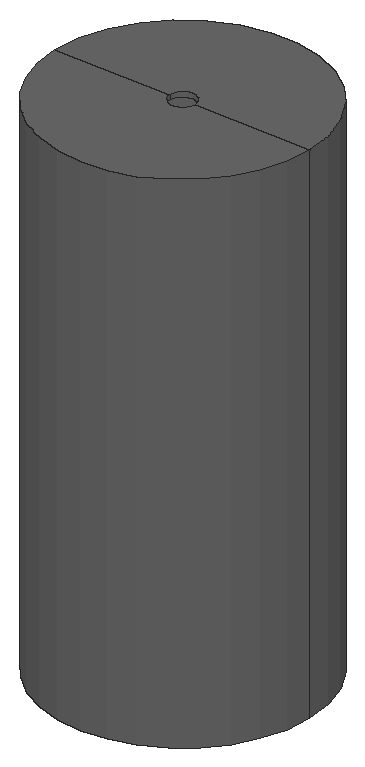
Revit family "CY510", category Lighting Fixtures, Revit 2024
Family settings
  Round Connector Dimension = Use Diameter
  Part Type = Normal
  OmniClass Number = 23.80.70.00
  OmniClass Title = Lighting
  Work Plane-Based = No
  Always vertical = Yes
  Cut with Voids When Loaded = No
  Light Source = No
  Maintain Annotation Orientation = No
  Shared = No
  Room Calculation Point = No
Parameters
  Default Elevation = 0' - 0"
Reference planes (in)
  plane 1 "Light Source Axis (F/B)": y = 0
  plane 2: z = 0
  plane 3 "Light Source Axis (L/R)": x = 0
  plane 4 "Light Source Elevation": z = 54
Forms (in)
  Sweep 1, solid, material "FC", not visible
    path origin (75.968, 0, 0.00093) x (1, 0, 0) y (0, 0, 1)
      loop
        arc (-4.5864, 68.3252) -> (-8.91952, 61.72019) -> (-10.59309, 54) r 21.63816
    profile origin (67.04848, 0, 61.72112) x (0.922209, 0, -0.386691) y (0, -1, 0)
      loop
        circle (0, 0) r 0.03125
  Extrusion 2, solid, material "61", not visible
    sketch origin (21.22004, 0.07031, 3.70715) x (1, 0, 0) y (0, 1, 0)
      loop
        arc (0.70087, 4.42509) -> (0.0002, 4.48026) -> (-0.70003, 4.41981) r 4.27232
        line (-0.70003, 4.41981) -> (-0.65367, 4.12712)
        arc (-0.65367, 4.12712) -> (0, 4.17857) -> (0.65367, 4.12712) r 4.17857
        line (0.65367, 4.12712) -> (0.70087, 4.42509)
    from 66 to 73.80732
  Revolve 3, solid, material "61"
    sketch origin (0, 0, 0) x (1, 0, 0) y (0, 0, 1)
      loop
        line (2.5, 54) -> (2.5, 64) -> (0.25, 64) -> (0.25, 63.90625) -> (2.40625, 63.90625) -> (2.40625, 54) -> (2.5, 54)
      axis (0, 64) -> (0, 54)
    angle from 0 to 360
Dimensions and locks (in)
  aligned and locked: level to plane 2
